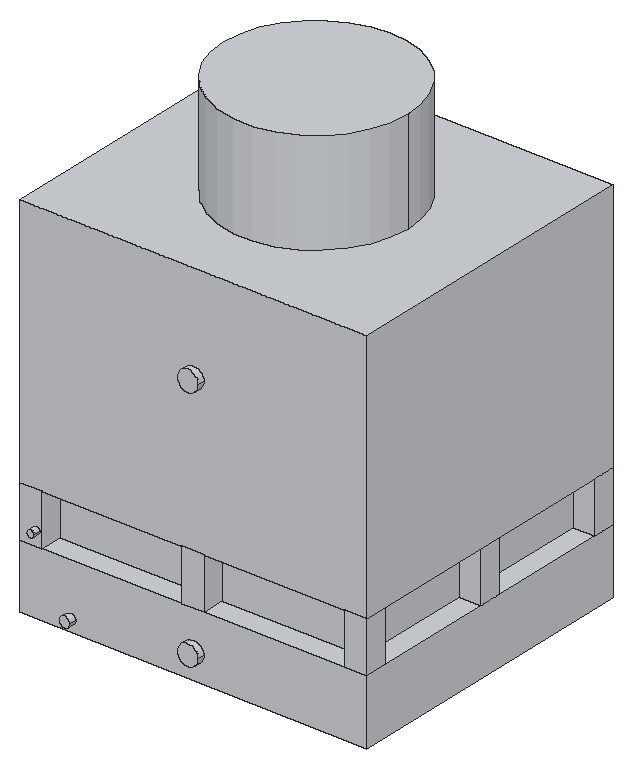
Revit family "55f6e43359c346c4a668ab17a8ca2e8e", category Mechanical Equipment, Revit 2021
Family settings
  Round Connector Dimension = Use Radius
  Part Type = Normal
  OmniClass Number = 23.75.10.37.11
  OmniClass Title = Mechanical-Draft Cooling Towers
  Seek Item ID = Cooling Tower - Counterflow-0000-USA-ENU
  Work Plane-Based = No
  Always vertical = Yes
  Cut with Voids When Loaded = No
  Shared = No
  Room Calculation Point = No
Parameters (values of type "140 Tons")
  Voltage = 460 V
  Radius 1 = Cooling Tower Width / 2 - 1' 6"  # 2' - 2 15/16"
  Make-up Water Pressure Drop [instance] = 80.3729 in-wg
  Load Classification = Cooling
  Default Elevation = 0' - 0"
  Cooling Water Pressure Drop [instance] = (C1 Offset1 / 0' 1") * 1.00 in-wg + 197.00 in-wg  # 276.375 in-wg
  Cooling Tower Width = 7' - 5 7/8"
  Cooling Tower Length = 8' - 5 1/2"
  Cooling Tower Height = 11' - 6 1/8"
  Cooling Water Radius = 3"
  Cooling Water Diameter = Cooling Water Radius * 2  # 6"
  Number of Poles = 3
  Apparent Load = 5592.75 VA
  Make Up Radius = 1"
  Make Up Diameter = Make Up Radius * 2  # 2"
  Make-up Water Flow [instance] = 12 GPM
  Height2 = 1' - 7"
  Height1 = 6' - 0 3/4"
  Drain Radius = 1 1/2"
  Drain Diameter = Drain Radius * 2  # 3"
  Cooling Tower Material = none
  Cooling Water Flow [instance] = 420 GPM
  C4 Offset2 = 1' - 2 3/4"
  C4 Offset1 = 0' - 3 1/2"
  C3 Offset2 = 0' - 4 3/4"
  C3 Offset1 = 1' - 11 1/8"
  C2 Offset1 = 0' - 7 1/2"
  C1 Offset1 = 6' - 7 3/8"
Types (9): name | Radius 1 | Make-up Water Pressure Drop | Cooling Water Pressure Drop | Cooling Tower Width | Cooling Tower Length | Cooling Tower Height | Cooling Water Radius | Cooling Water Diameter | Apparent Load | Make Up Radius | Make Up Diameter | Make-up Water Flow | Height2 | Height1 | Drain Radius | Drain Diameter | Cooling Water Flow | C4 Offset2 | C4 Offset1 | C3 Offset1 | C2 Offset1 | C1 Offset1
  (no name) | 2' - 2 15/16" | 80.3729 in-wg | 276.375 in-wg | 7' - 5 7/8" | 8' - 5 1/2" | 11' - 6 1/8" | 3" | 6" | 5592.75 VA | 1" | 2" | 12 GPM | 1' - 7" | 6' - 0 3/4" | 1 1/2" | 3" | 420 GPM | 1' - 2 3/4" | 0' - 3 1/2" | 1' - 11 1/8" | 0' - 7 1/2" | 6' - 7 3/8"
  140 Tons | 2' - 2 15/16" | 80.3729 in-wg | 276.375 in-wg | 7' - 5 7/8" | 8' - 5 1/2" | 11' - 6 1/8" | 3" | 6" | 5592.75 VA | 1" | 2" | 12 GPM | 1' - 7" | 6' - 0 3/4" | 1 1/2" | 3" | 420 GPM | 1' - 2 3/4" | 0' - 3 1/2" | 1' - 11 1/8" | 0' - 7 1/2" | 6' - 7 3/8"
  250 Tons | 2' - 2 15/16" | 120.559 in-wg | 300.375 in-wg | 7' - 5 7/8" | 8' - 5 1/2" | 13' - 6 1/8" | 3" | 6" | 11185.5 VA | 1" | 2" | 15 GPM | 1' - 7" | 8' - 0 3/4" | 1 1/2" | 3" | 750 GPM | 1' - 2 3/4" | 0' - 3 1/2" | 1' - 11 1/8" | 0' - 7 1/2" | 8' - 7 3/8"
  350 Tons | 2' - 8 3/4" | 160.746 in-wg | 305.00 in-wg | 8' - 5 1/2" | 10' - 5 1/2" | 14' - 6 1/4" | 4" | 8" | 14914 VA | 1" | 2" | 21 GPM | 1' - 7" | 8' - 4 3/8" | 1 1/2" | 3" | 1050 GPM | 1' - 10 1/4" | 0' - 3 1/2" | 1' - 11 1/8" | 0' - 7 1/2" | 9' - 0"
  500 Tons | 2' - 8 3/4" | 200.932 in-wg | 309.375 in-wg | 8' - 5 1/2" | 13' - 11 3/4" | 14' - 10 5/8" | 4" | 8" | 22371 VA | 1" | 2" | 30 GPM | 1' - 7" | 8' - 8 3/4" | 1 1/2" | 3" | 1500 GPM | 1' - 10 1/4" | 0' - 3 1/2" | 1' - 11 1/8" | 0' - 7 1/2" | 9' - 4 3/8"
  550 Tons | 4' - 5" | 241.119 in-wg | 312.25 in-wg | 11' - 10" | 13' - 11 3/4" | 17' - 4 1/2" | 5" | 10" | 18642.5 VA | 1" | 2" | 45 GPM | 1' - 9" | 5' - 8 1/2" | 1 1/2" | 3" | 2250 GPM | 0' - 11 7/8" | 0' - 3 1/2" | 2' - 1 1/8" | 0' - 8 1/2" | 9' - 7 1/4"
  950 Tons | 4' - 5" | 281.305 in-wg | 324.25 in-wg | 11' - 10" | 13' - 11 3/4" | 18' - 4 1/2" | 5" | 10" | 29828 VA | 1" | 2" | 57 GPM | 1' - 9" | 5' - 8 1/2" | 1 1/2" | 3" | 2850 GPM | 0' - 11 7/8" | 0' - 3 1/2" | 2' - 1 1/8" | 0' - 8 1/2" | 10' - 7 1/4"
  1250 Tons | 5' - 3" | 321.492 in-wg | 356.75 in-wg | 13' - 6" | 23' - 9" | 21' - 4" | 7" | 14" | 44742 VA | 1 1/2" | 3" | 75 GPM | 1' - 9 1/2" | 8' - 3 1/8" | 2" | 4" | 3750 GPM | 1' - 3 7/8" | 0' - 4" | 2' - 2 1/8" | 0' - 9" | 13' - 3 3/4"
  200 Tons | 2' - 2 15/16" | 80.3729 in-wg | 276.375 in-wg | 7' - 5 7/8" | 8' - 5 1/2" | 11' - 6 1/8" | 3" | 6" | 5592.75 VA | 1" | 2" | 12 GPM | 1' - 7" | 6' - 0 3/4" | 1 1/2" | 3" | 600 GPM | 1' - 2 3/4" | 0' - 3 1/2" | 1' - 11 1/8" | 0' - 7 1/2" | 6' - 7 3/8"
Reference planes (in)
  plane 1 "Center (Front/Back)": y = 0
  plane 2: z = 0
  plane 3 "Center (Left/Right)": x = 0
  plane 4: y = 89.875
  plane 5: x = 101.5
  plane 6: z = 138.125
  plane 7: z = 108.125
  plane 8: y = 44.9375
  plane 9: x = 50.75
  plane 10: z = 19
  plane 11: z = 34
  plane 12: y = 83.375
  plane 13: y = 6.5
  plane 14: x = 6.5
  plane 15: x = 95
  plane 16: y = 41.6875
  plane 17: y = 48.1875
  plane 18: x = 54
  plane 19: x = 47.5
  plane 20 "3": z = 3.5
  plane 21: x = 14.75
  plane 22: y = -2
  plane 23 "2": z = 23.125
  plane 24: x = 4.75
  plane 25 "5": z = 7.5
  plane 26 "1": z = 72.75
  plane 27 "4": z = 79.375
Forms (in)
  Extrusion 1, solid, material <- "Cooling Tower Material"
    sketch origin (0, 0, 0) x (1, 0, 0) y (0, 1, 0)
      loop
        line (0, 0) -> (101.5, 0) -> (101.5, 89.875) -> (0, 89.875) -> (0, 0)
    from 0 to 108.125
  Extrusion 2, solid, material <- "Cooling Tower Material"
    sketch origin (0, 0, 0) x (1, 0, 0) y (0, 1, 0)
      loop
        circle (50.75, 44.9375) r 26.9375
    from 108.125 to 138.125
  Extrusion 3, void, detail levels fine
    sketch origin (0, 0, 0) x (1, 0, 0) y (0, 1, 0)
      loop
        line (0, 89.875) -> (0, 0) -> (101.5, 0) -> (101.5, 89.875) -> (0, 89.875)
      loop
        line (6.5, 83.375) -> (6.5, 6.5) -> (95, 6.5) -> (95, 83.375) -> (6.5, 83.375)
    from 19 to 34
  Extrusion 4, solid, material <- "Cooling Tower Material"
    sketch origin (0, 0, 0) x (1, 0, 0) y (0, 1, 0)
      loop
        line (6.5, 83.375) -> (6.5, 89.875) -> (0, 89.875) -> (0, 83.375) -> (6.5, 83.375)
      loop
        line (95, 83.375) -> (101.5, 83.375) -> (101.5, 89.875) -> (95, 89.875) -> (95, 83.375)
      loop
        line (95, 6.5) -> (95, 0) -> (101.5, 0) -> (101.5, 6.5) -> (95, 6.5)
      loop
        line (6.5, 6.5) -> (0, 6.5) -> (0, 0) -> (6.5, 0) -> (6.5, 6.5)
      loop
        line (6.5, 48.1875) -> (0, 48.1875) -> (0, 41.6875) -> (6.5, 41.6875) -> (6.5, 48.1875)
      loop
        line (101.5, 48.1875) -> (95, 48.1875) -> (95, 41.6875) -> (101.5, 41.6875) -> (101.5, 48.1875)
      loop
        line (47.5, 6.5) -> (47.5, 0) -> (54, 0) -> (54, 6.5) -> (47.5, 6.5)
      loop
        line (47.5, 89.875) -> (47.5, 83.375) -> (54, 83.375) -> (54, 89.875) -> (47.5, 89.875)
    from 19 to 34
  Extrusion 5, solid, material <- "Cooling Tower Material"
    sketch origin (0, 0, 0) x (1, 0, 0) y (0, 0, 1)
      loop
        circle (14.75, 3.5) r 1.5
    from 0 to 2
  Extrusion 6, solid, material <- "Cooling Tower Material"
    sketch origin (0, 0, 0) x (1, 0, 0) y (0, 0, 1)
      loop
        circle (4.75, 23.125) r 1
    from 0 to 2
  Extrusion 7, solid, material <- "Cooling Tower Material"
    sketch origin (0, 0, 0) x (1, 0, 0) y (0, 0, 1)
      loop
        circle (50.75, 7.5) r 3
    from 0 to 2
  Extrusion 8, solid, material <- "Cooling Tower Material"
    sketch origin (0, 0, 0) x (1, 0, 0) y (0, 0, 1)
      loop
        circle (50.75, 79.375) r 3
    from 0 to 2
  Extrusion 9, solid, material <- "Cooling Tower Material", detail levels coarse
    sketch origin (0, 0, 3.5) x (-1, 0, 0) y (0, -1, 0)
      loop
        line (0, -89.875) -> (0, 0) -> (-101.5, 0) -> (-101.5, -89.875) -> (0, -89.875)
    from 15.5 to 30.5
Cuts and joins
  Extrusion 3 cuts Extrusion 1
  joined: Extrusion 1, Extrusion 2
Lines and regions (in)
  model lines
    curve 1: line (6.5, 6.5, 19) -> (95, 6.5, 19)
    curve 2: line (6.5, 6.5, 22) -> (95, 6.5, 22)
    curve 3: line (6.5, 6.5, 25) -> (95, 6.5, 25)
    curve 4: line (6.5, 6.5, 28) -> (95, 6.5, 28)
    curve 5: line (6.5, 6.5, 31) -> (95, 6.5, 31)
    curve 6: line (95, 83.375, 19) -> (95, 6.5, 19)
    curve 7: line (95, 83.375, 22) -> (95, 6.5, 22)
    curve 8: line (95, 83.375, 25) -> (95, 6.5, 25)
    curve 9: line (95, 83.375, 28) -> (95, 6.5, 28)
    curve 10: line (95, 83.375, 31) -> (95, 6.5, 31)
    curve 11: line (6.5, 83.375, 19) -> (6.5, 6.5, 19)
    curve 12: line (6.5, 83.375, 22) -> (6.5, 6.5, 22)
    curve 13: line (6.5, 83.375, 25) -> (6.5, 6.5, 25)
    curve 14: line (6.5, 83.375, 28) -> (6.5, 6.5, 28)
    curve 15: line (6.5, 83.375, 31) -> (6.5, 6.5, 31)
    curve 16: line (95, 83.375, 19) -> (6.5, 83.375, 19)
    curve 17: line (95, 83.375, 22) -> (6.5, 83.375, 22)
    curve 18: line (95, 83.375, 25) -> (6.5, 83.375, 25)
    curve 19: line (95, 83.375, 28) -> (6.5, 83.375, 28)
    curve 20: line (95, 83.375, 31) -> (6.5, 83.375, 31)
    curve 21: line (0, 89.875, 72.75) -> (101.5, 89.875, 72.75)
    curve 22: line (0, 0, 72.75) -> (0, 89.875, 72.75)
    curve 23: line (101.5, 0, 72.75) -> (0, 0, 72.75)
    curve 24: line (101.5, 89.875, 72.75) -> (101.5, 0, 72.75)
    curve 25: line (50.75, 0, 79.375) -> (50.75, -2, 79.375)
    curve 26: line (50.75, 0, 7.5) -> (50.75, -2, 7.5)
    curve 27: line (4.75, 0, 23.125) -> (4.75, -2, 23.125)
    curve 28: line (14.75, 0, 3.5) -> (14.75, -2, 3.5)
Dimensions and locks (in)
  "Cooling Tower Length": plane 3 "Center (Left/Right)" to plane 5
  "Cooling Tower Width": plane 4 to plane 1 "Center (Front/Back)"
  "Cooling Tower Height": plane 6 to plane 2
  locked: plane 6 to plane 7 at 30
  equal spacing: plane 4, plane 8, plane 1 "Center (Front/Back)"
  equal spacing: plane 3 "Center (Left/Right)", plane 9, plane 5
  "Height2": plane 10 to plane 2
  locked: plane 11 to plane 10 at 15
  locked: plane 12 to plane 4 at 6.5
  locked: plane 13 to plane 1 "Center (Front/Back)" at 6.5
  locked: plane 3 "Center (Left/Right)" to plane 14 at 6.5
  locked: plane 15 to plane 5 at 6.5
  plane 17 to plane 8 to plane 16 = 0' - 3 1/4" locked, 0' - 3 1/4" locked
  plane 19 to plane 9 to plane 18 = 0' - 3 1/4" locked, 0' - 3 1/4" locked
  "C4 Offset1": plane 20 "3" to plane 2
  "C4 Offset2": plane 21 to plane 3 "Center (Left/Right)"
  locked: plane 1 "Center (Front/Back)" to plane 22 at 2
  "C3 Offset1": plane 23 "2" to plane 2
  "C3 Offset2": plane 24 to plane 3 "Center (Left/Right)"
  "C2 Offset1": plane 25 "5" to plane 2
  "Height1": plane 26 "1" to plane 2
  "C1 Offset1": plane 27 "4" to plane 2
  "Radius 1": radius of Extrusion 2 sketch curve
  "Drain Radius": radius of Extrusion 5 sketch curve
  "Make Up Radius": radius of Extrusion 6 sketch curve
  "Cooling Water Radius": radius of Extrusion 7 sketch curve
  "Cooling Water Radius": radius of Extrusion 8 sketch curve
  aligned and locked: plane 3 "Center (Left/Right)" to Extrusion 1 sketch curve
  aligned and locked: plane 1 "Center (Front/Back)" to Extrusion 1 sketch curve
  aligned and locked: plane 4 to Extrusion 1 sketch curve
  aligned and locked: plane 5 to Extrusion 1 sketch curve
  aligned and locked: plane 7 to Extrusion 1
  aligned and locked: plane 9 to Extrusion 2 sketch curve
  aligned and locked: plane 8 to Extrusion 2 sketch curve
  aligned and locked: Extrusion 2 to Extrusion 1
  aligned and locked: plane 6 to Extrusion 2
  aligned and locked: Extrusion 3 sketch curve to Extrusion 1  (x3)
  aligned and locked: Extrusion 1 to Extrusion 3 sketch curve
  aligned and locked: plane 14 to Extrusion 3 sketch curve
  aligned and locked: plane 12 to Extrusion 3 sketch curve
  aligned and locked: plane 13 to Extrusion 3 sketch curve
  aligned and locked: Extrusion 3 sketch curve to plane 15
  aligned and locked: Extrusion 3 to plane 11
  aligned and locked: Extrusion 3 to plane 10
  aligned and locked: cut or joined group of Extrusion 1, Extrusion 2, Extrusion 3 to Extrusion 4 sketch curve  (x8)
  aligned and locked: Extrusion 4 sketch curve to cut or joined group of Extrusion 1, Extrusion 2, Extrusion 3  (x5)
  aligned and locked: cut or joined group of Extrusion 1, Extrusion 2, Extrusion 3 to curve 1
  aligned and locked: curve 6 to cut or joined group of Extrusion 1, Extrusion 2, Extrusion 3  (x2)
  aligned and locked: curve 11 to curve 6
  aligned and locked: curve 16 to curve 1
  aligned and locked: plane 14 to Extrusion 4 sketch curve
  aligned and locked: plane 17 to Extrusion 4 sketch curve
  aligned and locked: plane 16 to Extrusion 4 sketch curve  (x2)
  aligned and locked: Extrusion 4 sketch curve to plane 3 "Center (Left/Right)"
  aligned and locked: plane 19 to Extrusion 4 sketch curve  (x2)
  aligned and locked: plane 1 "Center (Front/Back)" to Extrusion 4 sketch curve
  aligned and locked: Extrusion 4 sketch curve to plane 18  (x2)
  aligned and locked: Extrusion 4 sketch curve to plane 4
  aligned and locked: plane 11 to Extrusion 4
  aligned and locked: Extrusion 4 to plane 10
  aligned and locked: plane 21 to Extrusion 5 sketch curve
  aligned and locked: plane 20 "3" to Extrusion 5 sketch curve
  aligned and locked: plane 22 to Extrusion 5
  aligned and locked: plane 24 to Extrusion 6 sketch curve
  aligned and locked: plane 23 "2" to Extrusion 6 sketch curve
  aligned and locked: Extrusion 5 to Extrusion 6
  aligned and locked: Extrusion 6 to plane 1 "Center (Front/Back)"
  aligned and locked: plane 9 to Extrusion 7 sketch curve
  aligned and locked: plane 25 "5" to Extrusion 7 sketch curve
  aligned and locked: Extrusion 5 to Extrusion 7
  aligned and locked: plane 9 to Extrusion 8 sketch curve
  aligned and locked: plane 27 "4" to Extrusion 8 sketch curve
  aligned and locked: plane 22 to Extrusion 8
  aligned and locked: Extrusion 9 sketch curve to cut or joined group of Extrusion 1, Extrusion 2, Extrusion 3  (x3)
  aligned and locked: cut or joined group of Extrusion 1, Extrusion 2, Extrusion 3 to Extrusion 9 sketch curve
  aligned and locked: Extrusion 9 to cut or joined group of Extrusion 1, Extrusion 2, Extrusion 3  (x2)
Automatic sketch dimensions
  curve 3 to Extrusion 3 = 0' - 0"  (x2)
  curve 1 to Extrusion 3 = 0' - 0"  (x2)
  curve 4 to Extrusion 3 = 0' - 0"  (x2)
  curve 2 to Extrusion 3 = 0' - 0"  (x2)
  curve 5 to Extrusion 3 = 0' - 0"  (x2)
  Extrusion 3 to curve 2 = 0' - 3"
  curve 3 to curve 2 = 0' - 3"
  curve 4 to curve 3 = 0' - 3"
  curve 5 to curve 4 = 0' - 3"
  curve 9 to Extrusion 3 = 0' - 0"  (x2)
  curve 7 to Extrusion 3 = 0' - 0"  (x2)
  curve 8 to Extrusion 3 = 0' - 0"  (x2)
  curve 10 to Extrusion 3 = 0' - 0"  (x2)
  curve 6 to Extrusion 3 = 0' - 0"
  curve 7 to curve 6 = 0' - 3"
  curve 8 to curve 7 = 0' - 3"
  curve 9 to curve 8 = 0' - 3"
  Extrusion 3 to curve 10 = 0' - 3"
  curve 13 to Extrusion 3 = 0' - 0"  (x2)
  curve 11 to Extrusion 3 = 0' - 0"  (x2)
  curve 14 to Extrusion 3 = 0' - 0"  (x2)
  curve 12 to Extrusion 3 = 0' - 0"  (x2)
  curve 15 to Extrusion 3 = 0' - 0"  (x2)
  Extrusion 3 to curve 12 = 0' - 3"
  curve 13 to curve 12 = 0' - 3"
  curve 14 to curve 13 = 0' - 3"
  curve 15 to curve 14 = 0' - 3"
  curve 18 to Extrusion 3 = 0' - 0"  (x2)
  curve 16 to Extrusion 3 = 0' - 0"  (x2)
  curve 19 to Extrusion 3 = 0' - 0"  (x2)
  curve 17 to Extrusion 3 = 0' - 0"  (x2)
  curve 20 to Extrusion 3 = 0' - 0"  (x2)
  Extrusion 3 to curve 17 = 0' - 3"
  curve 18 to curve 17 = 0' - 3"
  curve 19 to curve 18 = 0' - 3"
  curve 20 to curve 19 = 0' - 3"
  Extrusion 4 sketch curve to plane 1 "Center (Front/Back)" = 0' - 0"
  Extrusion 4 sketch curve to plane 14 = 0' - 0"
  Extrusion 4 sketch curve to plane 12 = 0' - 0"
  Extrusion 4 sketch curve to plane 15 = 0' - 0"  (x2)
  Extrusion 4 sketch curve to plane 13 = 0' - 0"
  Extrusion 4 sketch curve to plane 17 = 0' - 0"
  Extrusion 4 sketch curve to plane 4 = 0' - 0"
  curve 21 to plane 4 = 0' - 0"
  curve 21 to plane 5 = 0' - 0"
  curve 23 to plane 1 "Center (Front/Back)" = 0' - 0"
  curve 23 to plane 3 "Center (Left/Right)" = 0' - 0"
  curve 25 to plane 9 = 0' - 0"
  curve 25 to plane 22 = 0' - 0"
  curve 25 to plane 1 "Center (Front/Back)" = 0' - 0"
  curve 26 to plane 1 "Center (Front/Back)" = 0' - 0"
  curve 26 to plane 9 = 0' - 0"
  curve 26 to plane 22 = 0' - 0"
  curve 27 to plane 22 = 0' - 0"
  curve 27 to plane 24 = 0' - 0"
  curve 27 to plane 1 "Center (Front/Back)" = 0' - 0"
  curve 28 to plane 21 = 0' - 0"
  curve 28 to plane 1 "Center (Front/Back)" = 0' - 0"
  curve 28 to plane 22 = 0' - 0"
Connectors (in)
  piping at (50.75, -2, 7.5), diameter 6, driven by "Cooling Water Flow", driven by "Cooling Water Radius", driven by "Cooling Water Pressure Drop"
    settings: on Extrusion 7, index 1, connector inside diameter 6", connector length 0' - 0", flow factor 0, pipe flow 420 GPM, pressure drop 9.9747 psi, fitting loss kfactor 0, connector angle 0.00°, fixture units 0, engagement length 0' - 0", angle of deflection 0.00°, flow configuration 0, flow direction 2, fitting loss method 4, system type 7, joint type 0, gender type 0, connector reference index 2, connector utility 0, adjustable connector no, is connector primary yes, connector description "Condenser Water Out"
  piping at (50.75, -2, 79.375), diameter 6, driven by "Cooling Water Flow", driven by "Cooling Water Radius"
    settings: on Extrusion 8, index 2, connector inside diameter 6", connector length 0' - 0", flow factor 0, pipe flow 420 GPM, pressure drop 0.00 psi, fitting loss kfactor 0, connector angle 0.00°, fixture units 0, engagement length 0' - 0", angle of deflection 0.00°, flow configuration 0, flow direction 1, fitting loss method 4, system type 8, joint type 0, gender type 0, connector reference index 1, connector utility 0, adjustable connector no, is connector primary no, connector description "Condenser Water In"
  piping at (4.75, -2, 23.125), diameter 2, driven by "Make Up Radius", driven by "Make-up Water Pressure Drop", driven by "Make-up Water Flow"
    settings: on Extrusion 6, index 3, connector inside diameter 2", connector length 0' - 0", flow factor 0, pipe flow 12 GPM, pressure drop 2.90075 psi, fitting loss kfactor 0, connector angle 0.00°, fixture units 0, engagement length 0' - 0", angle of deflection 0.00°, flow configuration 1, flow direction 1, fitting loss method 4, system type 20, joint type 0, gender type 0, connector reference index -1, connector utility 0, adjustable connector no, is connector primary no, connector description "Make-up Water In"
  piping at (14.75, -2, 3.5), diameter 3, driven by "Drain Radius"
    settings: on Extrusion 5, index 4, connector inside diameter 3", connector length 0' - 0", flow factor 0, pipe flow 0 GPM, pressure drop 0.00 psi, fitting loss kfactor 0, connector angle 0.00°, fixture units 0, engagement length 0' - 0", angle of deflection 0.00°, flow configuration 1, flow direction 2, fitting loss method 0, system type 16, joint type 0, gender type 0, connector reference index -1, connector utility 0, adjustable connector yes, is connector primary no, connector description "Drain Out"
  electrical at (50.75, 44.9375, 138.125), driven by "Number of Poles", driven by "Apparent Load", driven by "Voltage", driven by "Load Classification"
    settings: on Extrusion 2, index 5, voltage 460 V, apparent load 5592.75 VA, apparent load phase1 0 VA, apparent load phase2 0 VA, apparent load phase3 0 VA, power factor 0.8, load classification "Cooling", number of poles 3, system type 30, power factor state 1, is connector primary yes, connector utility no, sub classification motor no, connector description ""
